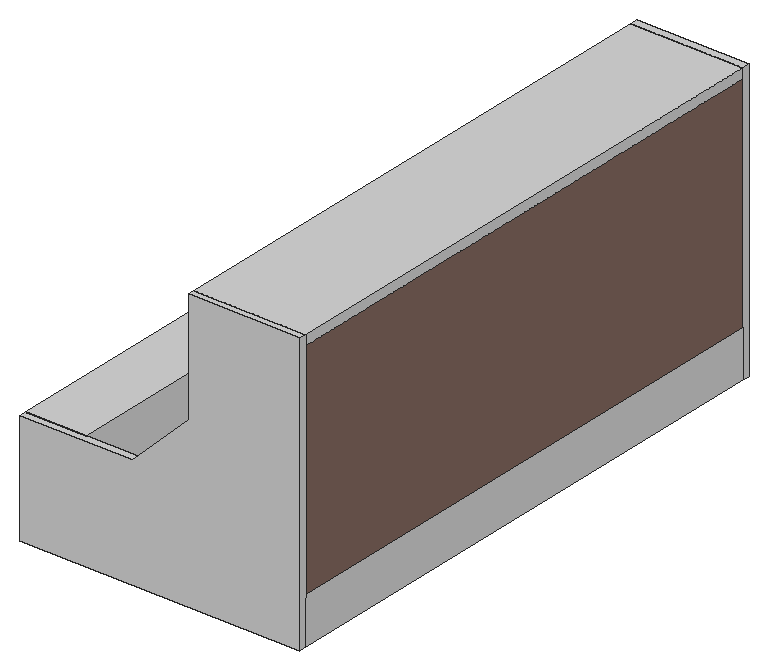
Revit family "ORMA_ORMA INSIDE CORNER 0,6_1908700", category Generic Models, Revit 2018
Family settings
  Can host rebar = No
  Round Connector Dimension = Use Diameter
  Part Type = Normal
  OmniClass Number = 35.51.14.00
  OmniClass Title = FORMWORK
  Work Plane-Based = Yes
  Always vertical = No
  Cut with Voids When Loaded = No
  Shared = Yes
  Room Calculation Point = No
Parameters
  VERSION = "20190101"  # constant formula
  URL = "www.ulmaconstruction.com/en"
  UNICLASS = ""
  ITEM_CODE = "1908700"
  Manufacturer = "ULMA CONSTRUCTION"  # constant formula
  FILTER [instance] = ""
  Default Elevation = 0.000 mm
  CLASSIFICATION_TITLE = ""
  CLASSIFICATION_NUMBER = ""
Reference planes
  plane 1 "Centro (Frontal/Posterior)": y = 0
  plane 2: z = 0
  plane 3 "Centro (Izquierda/Derecha)": x = 0
  plane 4 "ITEM_HEIGHT": y = 600
  plane 5 "TIE HOLE 2": y = 566
  plane 6 "TIE HOLE 1": y = 34
  plane 7: x = -227
  plane 8 "LEFT TIES": x = -271.5
  plane 9 "RIGHT TIES": z = 271.5
  plane 10 "LEFT RIB HOLES": x = -180
  plane 11 "RIGHT RIB HOLES": z = 180
Forms (mm)
  Extrusion 1, solid, material "ULMA ZINC", detail levels fine
    sketch origin (-300, 0, 0.001) x (1, 0, 0) y (0, 0, 1)
      loop
        line (11.2, 20.001) -> (65, 20.001) -> (64.999, 26.501)
        arc (64.999, 26.501) -> (63.974, 28.976) -> (61.499, 30.001) r 3.5
        line (61.499, 30.001) -> (54.999, 30.001)
        arc (54.999, 30.001) -> (53.231, 30.733) -> (52.499, 32.501) r 2.5
        line (52.499, 32.501) -> (52.499, 48.039)
        arc (52.499, 48.039) -> (52.915, 49.421) -> (54.025, 50.344) r 2.504
        line (54.025, 50.344) -> (61.342, 53.448)
        arc (61.342, 53.448) -> (64.002, 55.66) -> (65, 58.973) r 6.001
        line (65, 58.973) -> (65, 120) -> (0, 120) -> (0, 0) -> (11.2, 0) -> (11.2, 20.001)
    from -592 to -8
  Extrusion 2, solid, material "ULMA ZINC", detail levels fine
    sketch origin (-0.001, 0, 300) x (0, 0, -1) y (1, 0, 0)
      loop
        line (11.2, -20.001) -> (11.2, 0) -> (0, 0) -> (0, -120) -> (65, -120) -> (65, -58.973)
        arc (65, -58.973) -> (64.002, -55.66) -> (61.342, -53.448) r 6.001
        line (61.342, -53.448) -> (54.025, -50.344)
        arc (54.025, -50.344) -> (52.915, -49.421) -> (52.499, -48.039) r 2.504
        line (52.499, -48.039) -> (52.499, -32.501)
        arc (52.499, -32.501) -> (53.231, -30.733) -> (54.999, -30.001) r 2.5
        line (54.999, -30.001) -> (61.499, -30.001)
        arc (61.499, -30.001) -> (63.974, -28.976) -> (64.999, -26.501) r 3.5
        line (64.999, -26.501) -> (65, -20.001) -> (11.2, -20.001)
    from -592 to -8
  Extrusion 3, solid, material "ULMA ZINC", detail levels fine
    sketch origin (0, 0, 0) x (1, 0, 0) y (0, 0, 1)
      loop
        line (-75, 20) -> (-50, 20) -> (-50, 0) -> (0, 0) -> (0, 50) -> (-20.001, 50) -> (-20.001, 75) -> (-23.001, 75) -> (-23.001, 47) -> (-3, 47) -> (-3, 3) -> (-47, 3) -> (-47, 23) -> (-75, 23) -> (-75, 20)
    from -592 to -8
  Extrusion 4, solid, material "ULMA PLYWOOD", detail levels fine
    sketch origin (0, 0, 0) x (1, 0, 0) y (0, 0, 1)
      loop
        line (-288.8, 20.003) -> (-288.8, 0) -> (-50, 0) -> (-50, 20.003) -> (-288.8, 20.003)
    from -592 to -8
  Extrusion 5, solid, material "ULMA PLYWOOD", detail levels fine
    sketch origin (0, 0, 0) x (1, 0, 0) y (0, 0, 1)
      loop
        line (-20.001, 50) -> (-0.001, 50) -> (-0.001, 288.8) -> (-20.001, 288.8) -> (-20.001, 50)
    from -592 to -8
  Extrusion 6, solid, material "ULMA ZINC", detail levels fine
    sketch origin (0, 0, 0) x (1, 0, 0) y (0, 0, 1)
      loop
        line (-120, 300) -> (-120, 180) -> (-180, 120) -> (-300, 120) -> (-300, 0) -> (-0.001, 0) -> (-0.001, 300) -> (-120, 300)
    from -8 to 0
  Extrusion 7, solid, material "ULMA ZINC", detail levels fine
    sketch origin (0, 600, 0) x (1, 0, 0) y (0, 0, 1)
      loop
        line (-120, 300) -> (-120, 180) -> (-180, 120) -> (-300, 120) -> (-300, 0) -> (-0.001, 0) -> (-0.001, 300) -> (-120, 300)
    from 0 to 8
  Extrusion 8, solid, material "ULMA ZINC", detail levels fine
    sketch origin (0, 0, 0) x (1, 0, 0) y (0, 0, 1)
      loop
        line (-235, 120.001) -> (-235, 20.001) -> (-75, 20.001) -> (-75, 23) -> (-45.001, 23) -> (-45.001, 45.001) -> (-23.001, 45.001) -> (-23.001, 75) -> (-20.001, 75) -> (-20.001, 235.001) -> (-120.001, 235.001) -> (-120.001, 120.001) -> (-235, 120.001)
    from -330 to -270
  Extrusion 9, solid, material "ULMA ZINC", detail levels fine
    sketch origin (0, 0, 0) x (0, 1, 0) y (0, 0, 1)
      loop
        line (567, 45.003) -> (567, 20.003) -> (592, 20.003) -> (592, 45.003) -> (567, 45.003)
    from -235 to -75
  Extrusion 10, solid, material "ULMA ZINC", detail levels fine
    sketch origin (0, 0, 0) x (0, 1, 0) y (0, 0, 1)
      loop
        line (8, 20.003) -> (33, 20.003) -> (33, 45.003) -> (8, 45.003) -> (8, 20.003)
    from -235 to -75
  Extrusion 11, solid, material "ULMA ZINC", detail levels fine
    sketch origin (0, 0, 0) x (1, 0, 0) y (0, 1, 0)
      loop
        line (-45.001, 33) -> (-45.001, 8) -> (-20.001, 8) -> (-20.001, 33) -> (-45.001, 33)
    from 75 to 235
  Extrusion 12, solid, material "ULMA ZINC", detail levels fine
    sketch origin (0, 0, 0) x (1, 0, 0) y (0, 1, 0)
      loop
        line (-45.001, 592) -> (-45.001, 567) -> (-20.001, 567) -> (-20.001, 592) -> (-45.001, 592)
    from 75 to 235
  Extrusion 13, solid, material "ULMA ZINC", detail levels coarse+medium
    sketch origin (0, 0, 0) x (1, 0, 0) y (0, 0, 1)
      loop
        line (-300, 0) -> (-0.001, 0) -> (-0.001, 300) -> (-120, 300) -> (-120, 120) -> (-300, 120) -> (-300, 0)
    from 0 to -600
Lines and regions (mm)
  model lines, style "ULMA PANELS", detail levels fine
    curve 1: circle (-15, 0, 15) r 10 normal (0, -1, 0)
    curve 2: circle (-180.001, 0, 80.001) r 10 normal (0, -1, 0)
    curve 3: circle (-80.001, 0, 180.001) r 10 normal (0, -1, 0)
    curve 4: circle (-15, 8, 15) r 10 normal (0, -1, 0)
    curve 5: circle (-180, 8, 80.001) r 10 normal (0, -1, 0)
    curve 6: circle (-80.001, 8, 180.001) r 10 normal (0, -1, 0)
    curve 7: circle (-15, 592, 15) r 10 normal (0, -1, 0)
    curve 8: circle (-180.001, 592, 80.001) r 10 normal (0, -1, 0)
    curve 9: circle (-80.001, 592, 180.001) r 10 normal (0, -1, 0)
    curve 10: circle (-15, 600, 15) r 10 normal (0, -1, 0)
    curve 11: circle (-180.001, 600, 80.001) r 10 normal (0, -1, 0)
    curve 12: circle (-80.001, 600, 180.001) r 10 normal (0, -1, 0)
    curve 13: arc (-256, 41.5, 120.001) -> (-271.5, 57, 120.001) -> (-287, 41.5, 120.001) r 15.5
    curve 14: line (-287, 26.5, 120.001) -> (-287, 41.5, 120.001)
    curve 15: line (-256, 41.5, 120.001) -> (-256, 26.5, 120.001)
    curve 16: arc (-287, 26.5, 120.001) -> (-271.5, 11, 120.001) -> (-256, 26.5, 120.001) r 15.5
    curve 17: circle (-271.5, 34, 120.001) r 13 normal (0, 0, 1)
    curve 18: circle (-271.5, 34, 0) r 13 normal (0, 0, 1)
    curve 19: arc (-256, 573.5, 120.001) -> (-271.5, 589, 120.001) -> (-287, 573.5, 120.001) r 15.5
    curve 20: line (-287, 558.5, 120.001) -> (-287, 573.5, 120.001)
    curve 21: line (-256, 573.5, 120.001) -> (-256, 558.5, 120.001)
    curve 22: arc (-287, 558.5, 120.001) -> (-271.5, 543, 120.001) -> (-256, 558.5, 120.001) r 15.5
    curve 23: circle (-271.5, 566, 120.001) r 13 normal (0, 0, 1)
    curve 24: circle (-271.5, 566, 0) r 13 normal (0, 0, 1)
    curve 25: arc (-120.001, 573.5, 287) -> (-120.001, 589, 271.5) -> (-120.001, 573.5, 256) r 15.5
    curve 26: line (-120.001, 558.5, 256) -> (-120.001, 573.5, 256)
    curve 27: line (-120.001, 573.5, 287) -> (-120.001, 558.5, 287)
    curve 28: arc (-120.001, 558.5, 256) -> (-120.001, 543, 271.5) -> (-120.001, 558.5, 287) r 15.5
    curve 29: circle (-120.001, 566, 271.5) r 13 normal (-1, 0, 0)
    curve 30: circle (0, 566, 271.5) r 13 normal (-1, 0, 0)
    curve 31: arc (-120.001, 41.5, 287) -> (-120.001, 57, 271.5) -> (-120.001, 41.5, 256) r 15.5
    curve 32: line (-120.001, 26.5, 256) -> (-120.001, 41.5, 256)
    curve 33: line (-120.001, 41.5, 287) -> (-120.001, 26.5, 287)
    curve 34: arc (-120.001, 26.5, 256) -> (-120.001, 11, 271.5) -> (-120.001, 26.5, 287) r 15.5
    curve 35: circle (-120.001, 34, 271.5) r 13 normal (-1, 0, 0)
    curve 36: circle (0, 34, 271.5) r 13 normal (-1, 0, 0)
    curve 37: circle (-180, 270, 80.001) r 10.25 normal (0, -1, 0)
    curve 38: circle (-80.001, 270, 180) r 10.25 normal (0, -1, 0)
    curve 39: circle (-180, 330, 80.001) r 10.25 normal (0, -1, 0)
    curve 40: circle (-80.001, 330, 180) r 10.25 normal (0, -1, 0)
Dimensions and locks
  locked: plane 1 "Centro (Frontal/Posterior)" to plane 4 "ITEM_HEIGHT" at 600
  locked: Extrusion 9 sketch curve to Extrusion 9 sketch curve at 25  (x2)
  locked: Extrusion 10 sketch curve to Extrusion 10 sketch curve at 25  (x2)
  locked: Extrusion 11 sketch curve to Extrusion 11 sketch curve at 25  (x2)
  locked: Extrusion 12 sketch curve to Extrusion 12 sketch curve at 25  (x2)
  aligned and locked: level to plane 2
  aligned and locked: plane 1 "Centro (Frontal/Posterior)" to Extrusion 6
  aligned and locked: plane 4 "ITEM_HEIGHT" to Extrusion 7
  aligned and locked: Extrusion 9 to Extrusion 1
  aligned and locked: Extrusion 9 to Extrusion 3
  aligned and locked: Extrusion 10 to Extrusion 1
  aligned and locked: Extrusion 10 to Extrusion 3
  aligned and locked: Extrusion 11 to Extrusion 3
  aligned and locked: Extrusion 11 to Extrusion 2
  aligned and locked: Extrusion 12 to Extrusion 3
  aligned and locked: Extrusion 12 to Extrusion 2
  aligned and locked: plane 4 "ITEM_HEIGHT" to Extrusion 13
